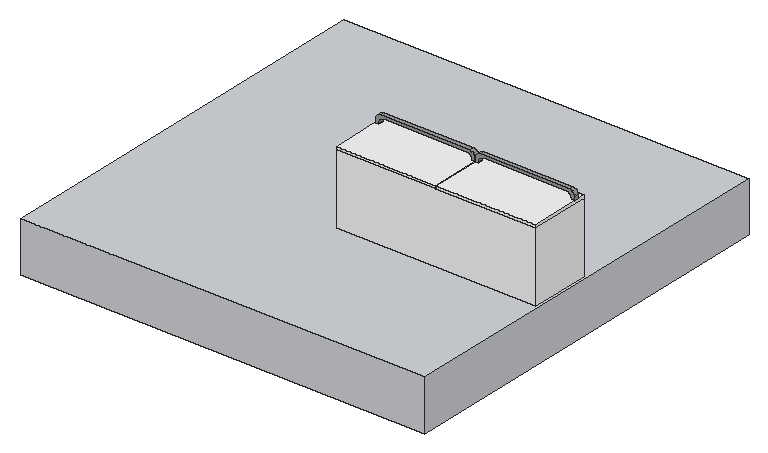
Revit family "IS_TonicII_R4305_BIM_GB", category Plumbing Fixtures, host Face, Revit 2014
Parameters (values of type "R4305WG - Tonic II 1200mm Wall Hung Washbasin Unit - White Gloss")
  WaterEfficientProduct = no
  WarrantyStartDate [instance] = "1900-12-31T23:59:59"
  WarrantyGuarantorParts = "Productinfo@thebluebook.co.uk"
  WarrantyGuarantorLabor = "n/a"
  WarrantyDurationUnit = "year"
  WarrantyDurationParts = "5"
  WarrantyDurationLabor = "n/a"
  WarrantyDescription = "Manufacturers Warranty"
  WRAS = no
  VolumeUnits = "Litres"
  Version = "1"
  Uniclass2015Version = "Products v1.1"
  Uniclass2015Reference = "Pr_40_30_78_04"
  Uniclass2015Description = "Bathroom integrated duct work"
  Uniclass2 = "n/a"
  URL = "www.idealspec.co.uk"
  Type Comments = "n/a"
  TagNumber [instance] = "n/a"
  TMV3 = no
  SustainabilityPerformance = "n/a"
  SpareParts = "www.fastpart-spares.co.uk"
  Space = "Internal"
  Size = "360 x 440 x 1200 mm"
  Shape = "Rectangular"
  SerialNumber [instance] = "n/a"
  Revision = "n/a"
  ReplacementCost = "n/a"
  ProductInformation = "www.idealspec.co.uk/datasheets/R4305WG"
  Phone = "01482 346 461"
  NominalWidth = 1200 mm
  NominalLength = 440 mm
  NominalHeight = 360 mm
  NominalDepth = 440 mm
  NettWeight = "27 Kg"
  Name = "ISI_Furniture_TonicII_R4305WG_IdealStandard"
  NBSTypeID = "n/a"
  NBSReference = "45-35-72/320"
  NBSOfficeMasterTag = "n/a"
  NBSNote = "n/a"
  NBSDescription = "Bathroom integrated duct work"
  NBSCertification = "n/a"
  ModelReference = Description  # "Tonic II 1200mm wall hung washbasin unit with 2 drawers"
  ModelNumber = Model  # "R4305WG"
  ManufacturerURL = "www.idealspec.co.uk"
  LinearUnits = "millimeters"
  LaminateFinish = ISI_IdealStandard_Furniture_GlosswhiteWG_Render
  Keynote = "n/a"
  InstallationInstructions = "www.idealspec.co.uk/resources.html"
  InstallationDate [instance] = "1900-12-31T23:59:59"
  IfcExportType = "USERDEFINED"
  IfcExportAs = "IfcFurnitureType"
  Help = "Productinfo@thebluebook.co.uk"
  HandleMatl = ISI_IdealStandard_Handle_Silver_Render
  HWFU = 0
  GrossWeight = "n/a"
  Grade = "n/a"
  Finish = "Gloss White"
  Features = "1200mm wall hung washbasin unit with 2 drawers"
  ExpectedLife = "30"
  DurationUnit = "year"
  CurrencyUnit = "n/a"
  CreatedOn = "2016_04_06"
  Cost = 0
  Constituents = "n/a"
  ConnectionType = "Plumbing"
  Color = "Gloss White"
  CodePerformance = "EN 14749:2005"
  Category = "Furniture"
  Reference = "n/a"
  Model = "R4305WG"
  Manufacturer = "Ideal Standard (UK) Ltd"
  ECA = no
  Description = "Tonic II 1200mm wall hung washbasin unit with 2 drawers"
  Default Elevation = 800 mm
  CWFU = 0
  Brand = "Ideal Standard"
  BarCode = "3391500571709"
  BREEAM = no
  BIMObjectName = "ISI_IdealStandard_Furniture_TonicII_R4305WG"
  Author = "Ideal Standard (UK) Ltd"
  AssetType = "Fixed"
  AssetIdentifier [instance] = "n/a"
  Assembly Code = "C1030200"
  AreaUnits = "millimeters"
  AreaMeasurement = "n/a"
  Accessories = "www.idealspec.co.uk"
  AccessibilityPerformance = "n/a"
Types (5, lengths in mm): name | ProductInformation | Name | ModelNumber | LaminateFinish | Finish | Color | Model | BarCode | BIMObjectName
  R4305FE - Tonic II 1200mm Wall Hung Washbasin Unit - Wood Light Grey | "www.idealspec.co.uk/datasheets/R4305FE" | "ISI_Furniture_TonicII_R4305FE_IdealStandard" | "R4305FE" | ISI_IdealStandard_Furniture_WoodLightGreyFE_Render | "Light Grey Wood" | "Light Grey Wood" | "R4305FE" | "3391500571747" | "ISI_IdealStandard_Furniture_TonicII_R4305FE"
  R4305FF - Tonic II 1200mm Wall Hung Washbasin Unit - Wood Light Brown | "www.idealspec.co.uk/datasheets/R4305FF" | "ISI_Furniture_TonicII_R4305FF_IdealStandard" | "R4305FF" | ISI_IdealStandard_Furniture_WoodLightBrownFF_Render | "Light Brown Wood" | "Light Brown Wood" | "R4305FF" | "3391500571730" | "ISI_IdealStandard_Furniture_TonicII_R4305FF"
  R4305FA - Tonic II 1200mm Wall Hung Washbasin Unit - Gloss Light Grey | "www.idealspec.co.uk/datasheets/R4305FA" | "ISI_Furniture_TonicII_R4305FA_IdealStandard" | "R4305FA" | ISI_IdealStandard_Furniture_GlossLightGreyFA_Render | "Light Grey Gloss" | "Light Grey Gloss" | "R4305FA" | "3391500571716" | "ISI_IdealStandard_Furniture_TonicII_R4305FA"
  R4305FC - Tonic II 1200mm Wall Hung Washbasin Unit - Gloss Light Brown | "www.idealspec.co.uk/datasheets/R4305FC" | "ISI_Furniture_TonicII_R4305FC_IdealStandard" | "R4305FC" | ISI_IdealStandard_Furniture_GlossLightBrownFC_Render | "Light Brown Gloss" | "Light Brown Gloss" | "R4305FC" | "3391500571723" | "ISI_IdealStandard_Furniture_TonicII_R4305FC"
  R4305WG - Tonic II 1200mm Wall Hung Washbasin Unit - White Gloss | "www.idealspec.co.uk/datasheets/R4305WG" | "ISI_Furniture_TonicII_R4305WG_IdealStandard" | "R4305WG" | ISI_IdealStandard_Furniture_GlosswhiteWG_Render | "Gloss White" | "Gloss White" | "R4305WG" | "3391500571709" | "ISI_IdealStandard_Furniture_TonicII_R4305WG"
Reference planes
  plane 1 "Center (Front/Back)": y = 0
  plane 2: z = 0
  plane 3 "Center (Left/Right)": x = 0
  plane 4: y = -360
  plane 5: z = 440
  plane 6: z = 490
  plane 7: x = 1200
  plane 8: x = 600
  plane 9: x = 1180
  plane 10: x = 620
  plane 11: x = 580
  plane 12: x = 20
  plane 13: z = 422
  plane 14: z = 404
  plane 15: y = -40
  plane 16: y = -65
  plane 17: z = 475
  plane 18: y = -342
Forms (mm)
  Extrusion 1, solid
    sketch origin (0, 0, 0) x (1, 0, 0) y (0, 1, 0)
      loop
        line (-1219.2, 1219.2) -> (-1219.2, -1219.2) -> (1219.2, -1219.2) -> (1219.2, 1219.2) -> (-1219.2, 1219.2)
    from 0 to -304.8
  Extrusion 2, solid, material "ISI_IdealStandard_Furniture_GlosswhiteWG_Render" <- "LaminateFinish"
    sketch origin (0, 0, 0) x (1, 0, 0) y (0, 1, 0)
      loop
        line (0, 0) -> (0, -360) -> (1200, -360) -> (1200, 0) -> (0, 0)
    from 0 to 422
  Extrusion 3, solid, material "ISI_IdealStandard_Furniture_GlosswhiteWG_Render" <- "LaminateFinish"
    sketch origin (1659.773, -4572, 422) x (0, -1, 0) y (-1, 0, 0)
      loop
        line (-4572, 1659.773) -> (-4572, 1060.677) -> (-4212, 1060.677) -> (-4212, 1659.773) -> (-4572, 1659.773)
      loop
        line (-4572, 1058.861) -> (-4572, 459.773) -> (-4212, 459.773) -> (-4212, 1058.861) -> (-4572, 1058.861)
    from -18 to 0
  Extrusion 4, solid, material "ISI_IdealStandard_Handle_Silver_Render" <- "HandleMatl"
    sketch origin (1524, -40, 1219.2) x (1, 0, 0) y (0, 0, 1)
      loop
        line (-1504, -779.2) -> (-1504, -774.2)
        arc (-1504, -774.2) -> (-1495.213, -752.987) -> (-1474, -744.2) r 30
        line (-1474, -744.2) -> (-974, -744.2)
        arc (-974, -744.2) -> (-952.787, -752.987) -> (-944, -774.2) r 30
        line (-944, -774.2) -> (-944, -779.2) -> (-924.904, -779.2) -> (-924.904, -759.2)
        arc (-924.904, -759.2) -> (-933.69, -737.987) -> (-954.904, -729.2) r 30
        line (-954.904, -729.2) -> (-1494, -729.2)
        arc (-1494, -729.2) -> (-1515.213, -737.987) -> (-1524, -759.2) r 30
        line (-1524, -759.2) -> (-1524, -779.2) -> (-1504, -779.2)
      loop
        line (-904, -779.2) -> (-904, -774.2)
        arc (-904, -774.2) -> (-895.213, -752.987) -> (-874, -744.2) r 30
        line (-874, -744.2) -> (-374, -744.2)
        arc (-374, -744.2) -> (-352.787, -752.987) -> (-344, -774.2) r 30
        line (-344, -774.2) -> (-344, -779.2) -> (-324, -779.2) -> (-324, -759.2)
        arc (-324, -759.2) -> (-332.787, -737.987) -> (-354, -729.2) r 30
        line (-354, -729.2) -> (-893.087, -729.2)
        arc (-893.087, -729.2) -> (-914.301, -737.987) -> (-923.087, -759.2) r 30
        line (-923.087, -759.2) -> (-923.087, -779.2) -> (-904, -779.2)
    from 0 to 25
  Extrusion 5, void
    sketch origin (1524, -40, 1219.2) x (-1, 0, 0) y (0, 0, 1)
      loop
        line (1511.052, -815.2) -> (935, -815.2) -> (935, -1214.2) -> (1511.052, -1214.2) -> (1511.052, -815.2)
      loop
        line (915, -815.2) -> (340.107, -815.2) -> (340.107, -1214.2) -> (915, -1214.2) -> (915, -815.2)
    from -302 to 40
Cuts and joins
  Extrusion 5 cuts Extrusion 2
Dimensions and locks
  "NominalDepth": plane 5 to level
  locked: plane 6 to plane 5 at 50
  locked: plane 3 "Center (Left/Right)" to plane 8 at 600
  locked: plane 8 to plane 7 at 600
  "NominalHeight": plane 4 to plane 1 "Center (Front/Back)"
  locked: plane 5 to plane 13 at 18
  locked: plane 13 to plane 14 at 18
  locked: plane 15 to plane 1 "Center (Front/Back)" at 40
  locked: plane 16 to plane 15 at 25
  locked: plane 4 to plane 18 at 18
  locked: plane 3 "Center (Left/Right)" to plane 12 at 20
  locked: plane 11 to plane 8 at 20
  plane 5 to level = 440 mm
  "NominalWidth": plane 3 "Center (Left/Right)" to plane 7
  aligned and locked: plane 2 to Extrusion 1
  aligned and locked: level to Extrusion 1
  aligned and locked: plane 1 "Center (Front/Back)" to Extrusion 2 sketch curve
  aligned and locked: plane 3 "Center (Left/Right)" to Extrusion 2 sketch curve
  aligned and locked: Extrusion 2 sketch curve to plane 4
  aligned and locked: Extrusion 2 sketch curve to plane 7
  aligned and locked: Extrusion 2 to plane 13
  aligned and locked: Extrusion 2 to level
  aligned and locked: Extrusion 3 sketch curve to Extrusion 2  (x2)
  aligned and locked: Extrusion 2 to Extrusion 3 sketch curve
  aligned and locked: plane 5 to Extrusion 3
  aligned and locked: plane 13 to Extrusion 3
  aligned and locked: plane 16 to Extrusion 4
  aligned and locked: Extrusion 4 to plane 15
  aligned and locked: Extrusion 5 sketch curve to plane 14
  aligned and locked: plane 18 to Extrusion 5
  aligned and locked: Extrusion 5 to plane 1 "Center (Front/Back)"
Automatic sketch dimensions
  Extrusion 1 sketch curve to Extrusion 1 sketch curve = 2438.4 mm  (x2)
  plane 1 "Center (Front/Back)" to Extrusion 3 sketch curve = 0 mm
  plane 4 to Extrusion 3 sketch curve = 0 mm
  Extrusion 3 sketch curve to plane 7 = 0 mm
  Extrusion 3 sketch curve to plane 8 = 0.904 mm
  plane 8 to Extrusion 3 sketch curve = 0.913 mm
  Extrusion 4 sketch curve to plane 3 "Center (Left/Right)" = 0 mm
  plane 12 to Extrusion 4 sketch curve = 0 mm
  Extrusion 4 sketch curve to plane 6 = 0 mm  (x2)
  Extrusion 4 sketch curve to plane 17 = 0 mm  (x2)
  Extrusion 4 sketch curve to plane 11 = 0 mm
  Extrusion 4 sketch curve to plane 5 = 0 mm  (x4)
  plane 10 to Extrusion 4 sketch curve = 0 mm
  Extrusion 4 sketch curve to plane 9 = 0 mm
  Extrusion 4 sketch curve to plane 7 = 0 mm
  Extrusion 4 sketch curve to plane 12 = 10 mm
  Extrusion 4 sketch curve to Extrusion 4 sketch curve = 20 mm
  plane 5 to Extrusion 4 sketch curve = 5 mm  (x2)
  Extrusion 4 sketch curve to plane 11 = 10.904 mm
  Extrusion 4 sketch curve to plane 8 = 0.904 mm
  plane 8 to Extrusion 4 sketch curve = 0.913 mm
  Extrusion 4 sketch curve to plane 10 = 10.913 mm
  Extrusion 4 sketch curve to Extrusion 4 sketch curve = 19.087 mm
  Extrusion 4 sketch curve to plane 9 = 10 mm
  Extrusion 5 sketch curve to plane 14 = 0 mm
  plane 8 to Extrusion 5 sketch curve = 9 mm
  plane 11 to Extrusion 5 sketch curve = 9 mm
  plane 12 to Extrusion 5 sketch curve = 7.052 mm
  plane 9 to Extrusion 5 sketch curve = 3.893 mm
  level to Extrusion 5 sketch curve = 5 mm  (x2)
